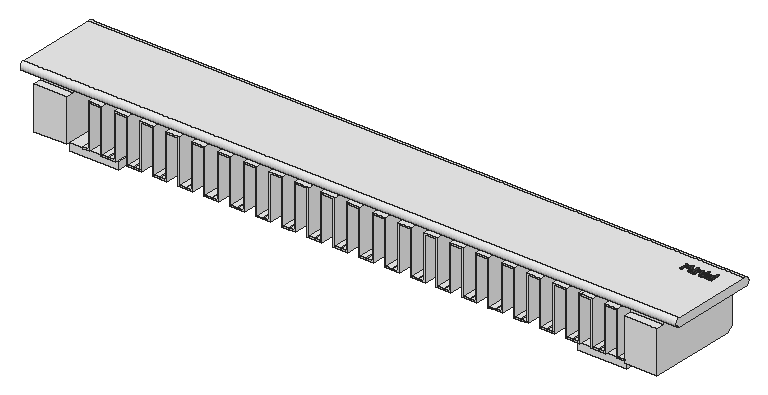
Revit family "Runtal-RF-1", category Mechanical Equipment, host Face, Revit 2026 (continued)
Definition of nested family "Family Grilles"
  Lines and regions (mm)
    model lines
      curve 386: circle (213.36, 10.16, 0) r 1.27 normal (0, 0, 1)
      curve 387: circle (213.36, 1.27, 0) r 1.27 normal (0, 0, 1)
      curve 388: circle (218.44, 19.05, 0) r 1.27 normal (0, 0, 1)
      curve 389: circle (218.44, 10.16, 0) r 1.27 normal (0, 0, 1)
      curve 390: circle (218.44, 1.27, 0) r 1.27 normal (0, 0, 1)
      curve 391: circle (223.52, 19.05, 0) r 1.27 normal (0, 0, 1)
      curve 392: circle (223.52, 10.16, 0) r 1.27 normal (0, 0, 1)
      curve 393: circle (223.52, 1.27, 0) r 1.27 normal (0, 0, 1)
      curve 394: circle (228.6, 19.05, 0) r 1.27 normal (0, 0, 1)
      curve 395: circle (228.6, 10.16, 0) r 1.27 normal (0, 0, 1)
      curve 396: circle (228.6, 1.27, 0) r 1.27 normal (0, 0, 1)
      curve 397: circle (233.68, 19.05, 0) r 1.27 normal (0, 0, 1)
      curve 398: circle (233.68, 10.16, 0) r 1.27 normal (0, 0, 1)
      curve 399: circle (233.68, 1.27, 0) r 1.27 normal (0, 0, 1)
      curve 400: circle (238.76, 19.05, 0) r 1.27 normal (0, 0, 1)
      curve 401: circle (238.76, 10.16, 0) r 1.27 normal (0, 0, 1)
      curve 402: circle (238.76, 1.27, 0) r 1.27 normal (0, 0, 1)
      curve 403: circle (243.84, 19.05, 0) r 1.27 normal (0, 0, 1)
      curve 404: circle (243.84, 10.16, 0) r 1.27 normal (0, 0, 1)
      curve 405: circle (243.84, 1.27, 0) r 1.27 normal (0, 0, 1)
      curve 406: circle (248.92, 19.05, 0) r 1.27 normal (0, 0, 1)
      curve 407: circle (248.92, 10.16, 0) r 1.27 normal (0, 0, 1)
      curve 408: circle (248.92, 1.27, 0) r 1.27 normal (0, 0, 1)
      curve 409: circle (254, 19.05, 0) r 1.27 normal (0, 0, 1)
      curve 410: circle (254, 10.16, 0) r 1.27 normal (0, 0, 1)
      curve 411: circle (254, 1.27, 0) r 1.27 normal (0, 0, 1)
      curve 412: circle (259.08, 19.05, 0) r 1.27 normal (0, 0, 1)
      curve 413: circle (259.08, 10.16, 0) r 1.27 normal (0, 0, 1)
      curve 414: circle (259.08, 1.27, 0) r 1.27 normal (0, 0, 1)
      curve 415: circle (264.16, 19.05, 0) r 1.27 normal (0, 0, 1)
      curve 416: circle (264.16, 10.16, 0) r 1.27 normal (0, 0, 1)
      curve 417: circle (264.16, 1.27, 0) r 1.27 normal (0, 0, 1)
      curve 418: circle (269.24, 19.05, 0) r 1.27 normal (0, 0, 1)
      curve 419: circle (269.24, 10.16, 0) r 1.27 normal (0, 0, 1)
      curve 420: circle (269.24, 1.27, 0) r 1.27 normal (0, 0, 1)
      curve 421: circle (274.32, 19.05, 0) r 1.27 normal (0, 0, 1)
      curve 422: circle (274.32, 10.16, 0) r 1.27 normal (0, 0, 1)
      curve 423: circle (274.32, 1.27, 0) r 1.27 normal (0, 0, 1)
      curve 424: circle (279.4, 19.05, 0) r 1.27 normal (0, 0, 1)
      curve 425: circle (279.4, 10.16, 0) r 1.27 normal (0, 0, 1)
      curve 426: circle (279.4, 1.27, 0) r 1.27 normal (0, 0, 1)
      curve 427: circle (284.48, 19.05, 0) r 1.27 normal (0, 0, 1)
      curve 428: circle (284.48, 10.16, 0) r 1.27 normal (0, 0, 1)
      curve 429: circle (284.48, 1.27, 0) r 1.27 normal (0, 0, 1)
      curve 430: circle (289.56, 19.05, 0) r 1.27 normal (0, 0, 1)
      curve 431: circle (289.56, 10.16, 0) r 1.27 normal (0, 0, 1)
      curve 432: circle (289.56, 1.27, 0) r 1.27 normal (0, 0, 1)
      curve 433: circle (294.64, 19.05, 0) r 1.27 normal (0, 0, 1)
      curve 434: circle (294.64, 10.16, 0) r 1.27 normal (0, 0, 1)
      curve 435: circle (294.64, 1.27, 0) r 1.27 normal (0, 0, 1)
      curve 436: circle (299.72, 19.05, 0) r 1.27 normal (0, 0, 1)
      curve 437: circle (299.72, 10.16, 0) r 1.27 normal (0, 0, 1)
      curve 438: circle (299.72, 1.27, 0) r 1.27 normal (0, 0, 1)
      curve 439: circle (304.8, 19.05, 0) r 1.27 normal (0, 0, 1)
      curve 440: circle (304.8, 10.16, 0) r 1.27 normal (0, 0, 1)
      curve 441: circle (304.8, 1.27, 0) r 1.27 normal (0, 0, 1)
      curve 442: circle (309.88, 19.05, 0) r 1.27 normal (0, 0, 1)
      curve 443: circle (309.88, 10.16, 0) r 1.27 normal (0, 0, 1)
      curve 444: circle (309.88, 1.27, 0) r 1.27 normal (0, 0, 1)
      curve 445: circle (314.96, 19.05, 0) r 1.27 normal (0, 0, 1)
      curve 446: circle (314.96, 10.16, 0) r 1.27 normal (0, 0, 1)
      curve 447: circle (314.96, 1.27, 0) r 1.27 normal (0, 0, 1)
      curve 448: circle (320.04, 19.05, 0) r 1.27 normal (0, 0, 1)
      curve 449: circle (320.04, 10.16, 0) r 1.27 normal (0, 0, 1)
      curve 450: circle (320.04, 1.27, 0) r 1.27 normal (0, 0, 1)
      curve 451: circle (325.12, 19.05, 0) r 1.27 normal (0, 0, 1)
      curve 452: circle (325.12, 10.16, 0) r 1.27 normal (0, 0, 1)
      curve 453: circle (325.12, 1.27, 0) r 1.27 normal (0, 0, 1)
      curve 454: circle (330.2, 19.05, 0) r 1.27 normal (0, 0, 1)
      curve 455: circle (330.2, 10.16, 0) r 1.27 normal (0, 0, 1)
      curve 456: circle (330.2, 1.27, 0) r 1.27 normal (0, 0, 1)
      curve 457: circle (335.28, 19.05, 0) r 1.27 normal (0, 0, 1)
      curve 458: circle (335.28, 10.16, 0) r 1.27 normal (0, 0, 1)
      curve 459: circle (335.28, 1.27, 0) r 1.27 normal (0, 0, 1)
      curve 460: circle (340.36, 19.05, 0) r 1.27 normal (0, 0, 1)
      curve 461: circle (340.36, 10.16, 0) r 1.27 normal (0, 0, 1)
      curve 462: circle (340.36, 1.27, 0) r 1.27 normal (0, 0, 1)
      curve 463: circle (345.44, 19.05, 0) r 1.27 normal (0, 0, 1)
      curve 464: circle (345.44, 10.16, 0) r 1.27 normal (0, 0, 1)
      curve 465: circle (345.44, 1.27, 0) r 1.27 normal (0, 0, 1)
      curve 466: circle (350.52, 19.05, 0) r 1.27 normal (0, 0, 1)
      curve 467: circle (350.52, 10.16, 0) r 1.27 normal (0, 0, 1)
      curve 468: circle (350.52, 1.27, 0) r 1.27 normal (0, 0, 1)
      curve 469: circle (355.6, 19.05, 0) r 1.27 normal (0, 0, 1)
      curve 470: circle (355.6, 10.16, 0) r 1.27 normal (0, 0, 1)
      curve 471: circle (355.6, 1.27, 0) r 1.27 normal (0, 0, 1)
      curve 472: circle (360.68, 19.05, 0) r 1.27 normal (0, 0, 1)
      curve 473: circle (360.68, 10.16, 0) r 1.27 normal (0, 0, 1)
      curve 474: circle (360.68, 1.27, 0) r 1.27 normal (0, 0, 1)
      curve 475: circle (365.76, 19.05, 0) r 1.27 normal (0, 0, 1)
      curve 476: circle (365.76, 10.16, 0) r 1.27 normal (0, 0, 1)
      curve 477: circle (365.76, 1.27, 0) r 1.27 normal (0, 0, 1)
      curve 478: circle (370.84, 19.05, 0) r 1.27 normal (0, 0, 1)
      curve 479: circle (370.84, 10.16, 0) r 1.27 normal (0, 0, 1)
      curve 480: circle (370.84, 1.27, 0) r 1.27 normal (0, 0, 1)
      curve 481: circle (375.92, 19.05, 0) r 1.27 normal (0, 0, 1)
      curve 482: circle (375.92, 10.16, 0) r 1.27 normal (0, 0, 1)
      curve 483: circle (375.92, 1.27, 0) r 1.27 normal (0, 0, 1)
      curve 484: circle (381, 19.05, 0) r 1.27 normal (0, 0, 1)
      curve 485: circle (381, 10.16, 0) r 1.27 normal (0, 0, 1)
      curve 486: circle (381, 1.27, 0) r 1.27 normal (0, 0, 1)
      curve 487: circle (386.08, 19.05, 0) r 1.27 normal (0, 0, 1)
      curve 488: circle (386.08, 10.16, 0) r 1.27 normal (0, 0, 1)
      curve 489: circle (386.08, 1.27, 0) r 1.27 normal (0, 0, 1)
      curve 490: circle (391.16, 19.05, 0) r 1.27 normal (0, 0, 1)
      curve 491: circle (391.16, 10.16, 0) r 1.27 normal (0, 0, 1)
      curve 492: circle (391.16, 1.27, 0) r 1.27 normal (0, 0, 1)
      curve 493: circle (396.24, 19.05, 0) r 1.27 normal (0, 0, 1)
      curve 494: circle (396.24, 10.16, 0) r 1.27 normal (0, 0, 1)
      curve 495: circle (396.24, 1.27, 0) r 1.27 normal (0, 0, 1)
      curve 496: circle (401.32, 19.05, 0) r 1.27 normal (0, 0, 1)
      curve 497: circle (401.32, 10.16, 0) r 1.27 normal (0, 0, 1)
      curve 498: circle (401.32, 1.27, 0) r 1.27 normal (0, 0, 1)
      curve 499: circle (406.4, 19.05, 0) r 1.27 normal (0, 0, 1)
      curve 500: circle (406.4, 10.16, 0) r 1.27 normal (0, 0, 1)
      curve 501: circle (406.4, 1.27, 0) r 1.27 normal (0, 0, 1)
      curve 502: circle (411.48, 19.05, 0) r 1.27 normal (0, 0, 1)
      curve 503: circle (411.48, 10.16, 0) r 1.27 normal (0, 0, 1)
      curve 504: circle (411.48, 1.27, 0) r 1.27 normal (0, 0, 1)
      curve 505: circle (416.56, 19.05, 0) r 1.27 normal (0, 0, 1)
      curve 506: circle (416.56, 10.16, 0) r 1.27 normal (0, 0, 1)
      curve 507: circle (416.56, 1.27, 0) r 1.27 normal (0, 0, 1)
      curve 508: circle (421.64, 19.05, 0) r 1.27 normal (0, 0, 1)
      curve 509: circle (421.64, 10.16, 0) r 1.27 normal (0, 0, 1)
      curve 510: circle (421.64, 1.27, 0) r 1.27 normal (0, 0, 1)
      curve 511: circle (426.72, 19.05, 0) r 1.27 normal (0, 0, 1)
      curve 512: circle (426.72, 10.16, 0) r 1.27 normal (0, 0, 1)
      curve 513: circle (426.72, 1.27, 0) r 1.27 normal (0, 0, 1)
    model lines, not visible
      curve 7: circle (2.54, 23.495, 0) r 1.27 normal (0, 0, 1)
      curve 8: circle (2.54, 14.605, 0) r 1.27 normal (0, 0, 1)
      curve 9: circle (2.54, 5.715, 0) r 1.27 normal (0, 0, 1)
      curve 10: circle (5.08, 19.05, 0) r 1.27 normal (0, 0, 1)
      curve 11: circle (5.08, 10.16, 0) r 1.27 normal (0, 0, 1)
      curve 12: circle (5.08, 1.27, 0) r 1.27 normal (0, 0, 1)
  Dimensions and locks
    "finLength": plane 3 "Center (Left/Right)" to plane 4
    equal spacing: group 1, group 5, group 9, group 10, group 11, group 12, group 13, group 14, group 15, group 16, group 17, group 18, group 19, group 20, group 21, group 22, group 23, group 24, group 25, group 26, group 27, group 28, group 29, group 30, group 31, group 32, group 33, group 34, group 35, group 36, group 37, group 38, group 39, group 40, group 41, group 42, group 43, group 44, group 45, group 46, group 47, group 48, group 49, group 50, group 51, group 52, group 53, group 54, group 55, group 56, group 57, group 58, group 59, group 60, group 61, group 62, group 63, group 64, group 65, group 66, group 67, group 68, group 69, group 70, group 71, group 72, group 73, group 74, group 75, group 76, group 77, group 78, group 79, group 80, group 81, group 82, group 83, group 84, group 85, group 86, group 87, group 88, group 89, group 90, group 91  (x3)
    equal spacing: group 3, group 6, group 7, group 8, group 92, group 93, group 94, group 95, group 96, group 97, group 98, group 99, group 100, group 101, group 102, group 103, group 104, group 105, group 106, group 107, group 108, group 109, group 110, group 111, group 112, group 113, group 114, group 115, group 116, group 117, group 118, group 119, group 120, group 121, group 122, group 123, group 124, group 125, group 126, group 127, group 128, group 129, group 130, group 131, group 132, group 133, group 134, group 135, group 136, group 137, group 138, group 139, group 140, group 141, group 142, group 143, group 144, group 145, group 146, group 147, group 148, group 149, group 150, group 151, group 152, group 153, group 154, group 155, group 156, group 157, group 158, group 159, group 160, group 161, group 162, group 163, group 164, group 165, group 166, group 167, group 168, group 169, group 170, group 171  (x3)
    aligned and locked: plane 2 to Extrusion 1
    aligned and locked: level to Extrusion 1
  Automatic sketch dimensions
    Extrusion 1 sketch curve to Extrusion 1 sketch curve = 2438.400 mm  (x2)
    curve 1 to curve 2 = 0.000 mm
    curve 2 to curve 1 = 8.890 mm
    curve 3 to curve 2 = 0.000 mm
    curve 3 to curve 2 = 8.890 mm
    curve 7 to curve 8 = 0.000 mm
    curve 8 to curve 7 = 8.890 mm
    curve 9 to curve 8 = 0.000 mm
    curve 9 to curve 8 = 8.890 mm
    curve 4 to curve 5 = 0.000 mm
    curve 5 to curve 4 = 8.890 mm
    curve 6 to curve 5 = 0.000 mm
    curve 6 to curve 5 = 8.890 mm
    curve 10 to curve 11 = 0.000 mm
    curve 11 to curve 10 = 8.890 mm
    curve 12 to curve 11 = 0.000 mm
    curve 12 to curve 11 = 8.890 mm
    curve 13 to curve 14 = 0.000 mm
    curve 14 to curve 13 = 8.890 mm
    curve 15 to curve 14 = 0.000 mm
    curve 15 to curve 14 = 8.890 mm
    curve 16 to curve 17 = 0.000 mm
    curve 17 to curve 16 = 8.890 mm
    curve 18 to curve 17 = 0.000 mm
    curve 18 to curve 17 = 8.890 mm
    curve 19 to curve 20 = 0.000 mm
    curve 20 to curve 19 = 8.890 mm
    curve 21 to curve 20 = 0.000 mm
    curve 21 to curve 20 = 8.890 mm
    curve 22 to curve 23 = 0.000 mm
    curve 23 to curve 22 = 8.890 mm
    curve 24 to curve 23 = 0.000 mm
    curve 24 to curve 23 = 8.890 mm
    curve 25 to curve 26 = 0.000 mm
    curve 26 to curve 25 = 8.890 mm
    curve 27 to curve 26 = 0.000 mm
    curve 27 to curve 26 = 8.890 mm
    curve 28 to curve 29 = 0.000 mm
    curve 29 to curve 28 = 8.890 mm
    curve 30 to curve 29 = 0.000 mm
    curve 30 to curve 29 = 8.890 mm
    curve 31 to curve 32 = 0.000 mm
    curve 32 to curve 31 = 8.890 mm
    curve 33 to curve 32 = 0.000 mm
    curve 33 to curve 32 = 8.890 mm
    curve 34 to curve 35 = 0.000 mm
    curve 35 to curve 34 = 8.890 mm
    curve 36 to curve 35 = 0.000 mm
    curve 36 to curve 35 = 8.890 mm
    curve 37 to curve 38 = 0.000 mm
    curve 38 to curve 37 = 8.890 mm
    curve 39 to curve 38 = 0.000 mm
    curve 39 to curve 38 = 8.890 mm
    curve 40 to curve 41 = 0.000 mm
    curve 41 to curve 40 = 8.890 mm
    curve 42 to curve 41 = 0.000 mm
    curve 42 to curve 41 = 8.890 mm
    curve 43 to curve 44 = 0.000 mm
    curve 44 to curve 43 = 8.890 mm
    curve 45 to curve 44 = 0.000 mm
    curve 45 to curve 44 = 8.890 mm
    curve 46 to curve 47 = 0.000 mm
    curve 47 to curve 46 = 8.890 mm
    curve 48 to curve 47 = 0.000 mm
    curve 48 to curve 47 = 8.890 mm
    curve 49 to curve 50 = 0.000 mm
    curve 50 to curve 49 = 8.890 mm
    curve 51 to curve 50 = 0.000 mm
    curve 51 to curve 50 = 8.890 mm
    curve 52 to curve 53 = 0.000 mm
    curve 53 to curve 52 = 8.890 mm
    curve 54 to curve 53 = 0.000 mm
    curve 54 to curve 53 = 8.890 mm
    curve 55 to curve 56 = 0.000 mm
    curve 56 to curve 55 = 8.890 mm
    curve 57 to curve 56 = 0.000 mm
    curve 57 to curve 56 = 8.890 mm
    curve 58 to curve 59 = 0.000 mm
    curve 59 to curve 58 = 8.890 mm
    curve 60 to curve 59 = 0.000 mm
    curve 60 to curve 59 = 8.890 mm
    curve 61 to curve 62 = 0.000 mm
    curve 62 to curve 61 = 8.890 mm
    curve 63 to curve 62 = 0.000 mm
    curve 63 to curve 62 = 8.890 mm
    curve 64 to curve 65 = 0.000 mm
    curve 65 to curve 64 = 8.890 mm
    curve 66 to curve 65 = 0.000 mm
    curve 66 to curve 65 = 8.890 mm
    curve 67 to curve 68 = 0.000 mm
    curve 68 to curve 67 = 8.890 mm
    curve 69 to curve 68 = 0.000 mm
    curve 69 to curve 68 = 8.890 mm
    curve 70 to curve 71 = 0.000 mm
    curve 71 to curve 70 = 8.890 mm
    curve 72 to curve 71 = 0.000 mm
    curve 72 to curve 71 = 8.890 mm
    curve 73 to curve 74 = 0.000 mm
    curve 74 to curve 73 = 8.890 mm
    curve 75 to curve 74 = 0.000 mm
    curve 75 to curve 74 = 8.890 mm
    curve 76 to curve 77 = 0.000 mm
    curve 77 to curve 76 = 8.890 mm
    curve 78 to curve 77 = 0.000 mm
    curve 78 to curve 77 = 8.890 mm
    curve 79 to curve 80 = 0.000 mm
    curve 80 to curve 79 = 8.890 mm
    curve 81 to curve 80 = 0.000 mm
    curve 81 to curve 80 = 8.890 mm
    curve 82 to curve 83 = 0.000 mm
    curve 83 to curve 82 = 8.890 mm
    curve 84 to curve 83 = 0.000 mm
    curve 84 to curve 83 = 8.890 mm
    curve 85 to curve 86 = 0.000 mm
    curve 86 to curve 85 = 8.890 mm
    curve 87 to curve 86 = 0.000 mm
    curve 87 to curve 86 = 8.890 mm
    curve 88 to curve 89 = 0.000 mm
    curve 89 to curve 88 = 8.890 mm
    curve 90 to curve 89 = 0.000 mm
    curve 90 to curve 89 = 8.890 mm
    curve 91 to curve 92 = 0.000 mm
    curve 92 to curve 91 = 8.890 mm
    curve 93 to curve 92 = 0.000 mm
    curve 93 to curve 92 = 8.890 mm
    curve 94 to curve 95 = 0.000 mm
    curve 95 to curve 94 = 8.890 mm
    curve 96 to curve 95 = 0.000 mm
    curve 96 to curve 95 = 8.890 mm
    curve 97 to curve 98 = 0.000 mm
    curve 98 to curve 97 = 8.890 mm
    curve 99 to curve 98 = 0.000 mm
    curve 99 to curve 98 = 8.890 mm
    curve 100 to curve 101 = 0.000 mm
    curve 101 to curve 100 = 8.890 mm
    curve 102 to curve 101 = 0.000 mm
    curve 102 to curve 101 = 8.890 mm
    curve 103 to curve 104 = 0.000 mm
    curve 104 to curve 103 = 8.890 mm
    curve 105 to curve 104 = 0.000 mm
    curve 105 to curve 104 = 8.890 mm
    curve 106 to curve 107 = 0.000 mm
    curve 107 to curve 106 = 8.890 mm
    curve 108 to curve 107 = 0.000 mm
    curve 108 to curve 107 = 8.890 mm
    curve 109 to curve 110 = 0.000 mm
    curve 110 to curve 109 = 8.890 mm
    curve 111 to curve 110 = 0.000 mm
    curve 111 to curve 110 = 8.890 mm
    curve 112 to curve 113 = 0.000 mm
    curve 113 to curve 112 = 8.890 mm
    curve 114 to curve 113 = 0.000 mm
    curve 114 to curve 113 = 8.890 mm
    curve 115 to curve 116 = 0.000 mm
    curve 116 to curve 115 = 8.890 mm
    curve 117 to curve 116 = 0.000 mm
    curve 117 to curve 116 = 8.890 mm
    curve 118 to curve 119 = 0.000 mm
    curve 119 to curve 118 = 8.890 mm
    curve 120 to curve 119 = 0.000 mm
    curve 120 to curve 119 = 8.890 mm
    curve 121 to curve 122 = 0.000 mm
    curve 122 to curve 121 = 8.890 mm
    curve 123 to curve 122 = 0.000 mm
    curve 123 to curve 122 = 8.890 mm
    curve 124 to curve 125 = 0.000 mm
    curve 125 to curve 124 = 8.890 mm
    curve 126 to curve 125 = 0.000 mm
    curve 126 to curve 125 = 8.890 mm
    curve 127 to curve 128 = 0.000 mm
    curve 128 to curve 127 = 8.890 mm
    curve 129 to curve 128 = 0.000 mm
    curve 129 to curve 128 = 8.890 mm
    curve 130 to curve 131 = 0.000 mm
    curve 131 to curve 130 = 8.890 mm
    curve 132 to curve 131 = 0.000 mm
    curve 132 to curve 131 = 8.890 mm
    curve 133 to curve 134 = 0.000 mm
    curve 134 to curve 133 = 8.890 mm
    curve 135 to curve 134 = 0.000 mm
    curve 135 to curve 134 = 8.890 mm
    curve 136 to curve 137 = 0.000 mm
    curve 137 to curve 136 = 8.890 mm
    curve 138 to curve 137 = 0.000 mm
    curve 138 to curve 137 = 8.890 mm
    curve 139 to curve 140 = 0.000 mm
    curve 140 to curve 139 = 8.890 mm
    curve 141 to curve 140 = 0.000 mm
    curve 141 to curve 140 = 8.890 mm
    curve 142 to curve 143 = 0.000 mm
    curve 143 to curve 142 = 8.890 mm
    curve 144 to curve 143 = 0.000 mm
    curve 144 to curve 143 = 8.890 mm
    curve 145 to curve 146 = 0.000 mm
    curve 146 to curve 145 = 8.890 mm
    curve 147 to curve 146 = 0.000 mm
    curve 147 to curve 146 = 8.890 mm
    curve 148 to curve 149 = 0.000 mm
    curve 149 to curve 148 = 8.890 mm
    curve 150 to curve 149 = 0.000 mm
    curve 150 to curve 149 = 8.890 mm
    curve 151 to curve 152 = 0.000 mm
    curve 152 to curve 151 = 8.890 mm
    curve 153 to curve 152 = 0.000 mm
    curve 153 to curve 152 = 8.890 mm
    curve 154 to curve 155 = 0.000 mm
    curve 155 to curve 154 = 8.890 mm
    curve 156 to curve 155 = 0.000 mm
    curve 156 to curve 155 = 8.890 mm
    curve 157 to curve 158 = 0.000 mm
    curve 158 to curve 157 = 8.890 mm
    curve 159 to curve 158 = 0.000 mm
    curve 159 to curve 158 = 8.890 mm
    curve 160 to curve 161 = 0.000 mm
    curve 161 to curve 160 = 8.890 mm
    curve 162 to curve 161 = 0.000 mm
    curve 162 to curve 161 = 8.890 mm
    curve 163 to curve 164 = 0.000 mm
    curve 164 to curve 163 = 8.890 mm
    curve 165 to curve 164 = 0.000 mm
    curve 165 to curve 164 = 8.890 mm
    curve 166 to curve 167 = 0.000 mm
    curve 167 to curve 166 = 8.890 mm
    curve 168 to curve 167 = 0.000 mm
    curve 168 to curve 167 = 8.890 mm
    curve 169 to curve 170 = 0.000 mm
    curve 170 to curve 169 = 8.890 mm
    curve 171 to curve 170 = 0.000 mm
    curve 171 to curve 170 = 8.890 mm
    curve 172 to curve 173 = 0.000 mm
    curve 173 to curve 172 = 8.890 mm
    curve 174 to curve 173 = 0.000 mm
    curve 174 to curve 173 = 8.890 mm
    curve 175 to curve 176 = 0.000 mm
    curve 176 to curve 175 = 8.890 mm
    curve 177 to curve 176 = 0.000 mm
    curve 177 to curve 176 = 8.890 mm
    curve 178 to curve 179 = 0.000 mm
    curve 179 to curve 178 = 8.890 mm
    curve 180 to curve 179 = 0.000 mm
    curve 180 to curve 179 = 8.890 mm
    curve 181 to curve 182 = 0.000 mm
    curve 182 to curve 181 = 8.890 mm
    curve 183 to curve 182 = 0.000 mm
    curve 183 to curve 182 = 8.890 mm
    curve 184 to curve 185 = 0.000 mm
    curve 185 to curve 184 = 8.890 mm
    curve 186 to curve 185 = 0.000 mm
    curve 186 to curve 185 = 8.890 mm
    curve 187 to curve 188 = 0.000 mm
    curve 188 to curve 187 = 8.890 mm
    curve 189 to curve 188 = 0.000 mm
    curve 189 to curve 188 = 8.890 mm
    curve 190 to curve 191 = 0.000 mm
    curve 191 to curve 190 = 8.890 mm
    curve 192 to curve 191 = 0.000 mm
    curve 192 to curve 191 = 8.890 mm
    curve 193 to curve 194 = 0.000 mm
    curve 194 to curve 193 = 8.890 mm
    curve 195 to curve 194 = 0.000 mm
    curve 195 to curve 194 = 8.890 mm
    curve 196 to curve 197 = 0.000 mm
    curve 197 to curve 196 = 8.890 mm
    curve 198 to curve 197 = 0.000 mm
    curve 198 to curve 197 = 8.890 mm
    curve 199 to curve 200 = 0.000 mm
    curve 200 to curve 199 = 8.890 mm
    curve 201 to curve 200 = 0.000 mm
    curve 201 to curve 200 = 8.890 mm
    curve 202 to curve 203 = 0.000 mm
    curve 203 to curve 202 = 8.890 mm
    curve 204 to curve 203 = 0.000 mm
    curve 204 to curve 203 = 8.890 mm
    curve 205 to curve 206 = 0.000 mm
    curve 206 to curve 205 = 8.890 mm
    curve 207 to curve 206 = 0.000 mm
    curve 207 to curve 206 = 8.890 mm
    curve 208 to curve 209 = 0.000 mm
    curve 209 to curve 208 = 8.890 mm
    curve 210 to curve 209 = 0.000 mm
    curve 210 to curve 209 = 8.890 mm
    curve 211 to curve 212 = 0.000 mm
    curve 212 to curve 211 = 8.890 mm
    curve 213 to curve 212 = 0.000 mm
    curve 213 to curve 212 = 8.890 mm
    curve 214 to curve 215 = 0.000 mm
    curve 215 to curve 214 = 8.890 mm
    curve 216 to curve 215 = 0.000 mm
    curve 216 to curve 215 = 8.890 mm
    curve 217 to curve 218 = 0.000 mm
    curve 218 to curve 217 = 8.890 mm
    curve 219 to curve 218 = 0.000 mm
    curve 219 to curve 218 = 8.890 mm
    curve 220 to curve 221 = 0.000 mm
    curve 221 to curve 220 = 8.890 mm
    curve 222 to curve 221 = 0.000 mm
    curve 222 to curve 221 = 8.890 mm
    curve 223 to curve 224 = 0.000 mm
    curve 224 to curve 223 = 8.890 mm
    curve 225 to curve 224 = 0.000 mm
    curve 225 to curve 224 = 8.890 mm
    curve 226 to curve 227 = 0.000 mm
    curve 227 to curve 226 = 8.890 mm
    curve 228 to curve 227 = 0.000 mm
    curve 228 to curve 227 = 8.890 mm
    curve 229 to curve 230 = 0.000 mm
    curve 230 to curve 229 = 8.890 mm
    curve 231 to curve 230 = 0.000 mm
    curve 231 to curve 230 = 8.890 mm
    curve 232 to curve 233 = 0.000 mm
    curve 233 to curve 232 = 8.890 mm
    curve 234 to curve 233 = 0.000 mm
    curve 234 to curve 233 = 8.890 mm
    curve 235 to curve 236 = 0.000 mm
    curve 236 to curve 235 = 8.890 mm
    curve 237 to curve 236 = 0.000 mm
    curve 237 to curve 236 = 8.890 mm
    curve 238 to curve 239 = 0.000 mm
    curve 239 to curve 238 = 8.890 mm
    curve 240 to curve 239 = 0.000 mm
    curve 240 to curve 239 = 8.890 mm
    curve 241 to curve 242 = 0.000 mm
    curve 242 to curve 241 = 8.890 mm
    curve 243 to curve 242 = 0.000 mm
    curve 243 to curve 242 = 8.890 mm
    curve 244 to curve 245 = 0.000 mm
    curve 245 to curve 244 = 8.890 mm
    curve 246 to curve 245 = 0.000 mm
    curve 246 to curve 245 = 8.890 mm
    curve 247 to curve 248 = 0.000 mm
    curve 248 to curve 247 = 8.890 mm
    curve 249 to curve 248 = 0.000 mm
    curve 249 to curve 248 = 8.890 mm
    curve 250 to curve 251 = 0.000 mm
    curve 251 to curve 250 = 8.890 mm
    curve 252 to curve 251 = 0.000 mm
    curve 252 to curve 251 = 8.890 mm
    curve 253 to curve 254 = 0.000 mm
    curve 254 to curve 253 = 8.890 mm
    curve 255 to curve 254 = 0.000 mm
    curve 255 to curve 254 = 8.890 mm
    curve 256 to curve 257 = 0.000 mm
    curve 257 to curve 256 = 8.890 mm
    curve 258 to curve 257 = 0.000 mm
    curve 258 to curve 257 = 8.890 mm
    curve 259 to curve 260 = 0.000 mm
    curve 260 to curve 259 = 8.890 mm
    curve 261 to curve 260 = 0.000 mm
    curve 261 to curve 260 = 8.890 mm
    curve 262 to curve 263 = 0.000 mm
    curve 263 to curve 262 = 8.890 mm
    curve 264 to curve 263 = 0.000 mm
    curve 264 to curve 263 = 8.890 mm
    curve 265 to curve 266 = 0.000 mm
    curve 266 to curve 265 = 8.890 mm
    curve 267 to curve 266 = 0.000 mm
    curve 267 to curve 266 = 8.890 mm
    curve 268 to curve 269 = 0.000 mm
    curve 269 to curve 268 = 8.890 mm
    curve 270 to curve 269 = 0.000 mm
    curve 270 to curve 269 = 8.890 mm
    curve 271 to curve 272 = 0.000 mm
    curve 272 to curve 271 = 8.890 mm
    curve 273 to curve 272 = 0.000 mm
    curve 273 to curve 272 = 8.890 mm
    curve 274 to curve 275 = 0.000 mm
    curve 275 to curve 274 = 8.890 mm
    curve 276 to curve 275 = 0.000 mm
    curve 276 to curve 275 = 8.890 mm
    curve 277 to curve 278 = 0.000 mm
    curve 278 to curve 277 = 8.890 mm
    curve 279 to curve 278 = 0.000 mm
    curve 279 to curve 278 = 8.890 mm
    curve 280 to curve 281 = 0.000 mm
    curve 281 to curve 280 = 8.890 mm
    curve 282 to curve 281 = 0.000 mm
    curve 282 to curve 281 = 8.890 mm
    curve 283 to curve 284 = 0.000 mm
    curve 284 to curve 283 = 8.890 mm
    curve 285 to curve 284 = 0.000 mm
    curve 285 to curve 284 = 8.890 mm
    curve 286 to curve 287 = 0.000 mm
    curve 287 to curve 286 = 8.890 mm
    curve 288 to curve 287 = 0.000 mm
    curve 288 to curve 287 = 8.890 mm
    curve 289 to curve 290 = 0.000 mm
    curve 290 to curve 289 = 8.890 mm
    curve 291 to curve 290 = 0.000 mm
    curve 291 to curve 290 = 8.890 mm
    curve 292 to curve 293 = 0.000 mm
    curve 293 to curve 292 = 8.890 mm
    curve 294 to curve 293 = 0.000 mm
    curve 294 to curve 293 = 8.890 mm
    curve 295 to curve 296 = 0.000 mm
    curve 296 to curve 295 = 8.890 mm
    curve 297 to curve 296 = 0.000 mm
    curve 297 to curve 296 = 8.890 mm
    curve 298 to curve 299 = 0.000 mm
    curve 299 to curve 298 = 8.890 mm
    curve 300 to curve 299 = 0.000 mm
    curve 300 to curve 299 = 8.890 mm
    curve 301 to curve 302 = 0.000 mm
    curve 302 to curve 301 = 8.890 mm
    curve 303 to curve 302 = 0.000 mm
    curve 303 to curve 302 = 8.890 mm
    curve 304 to curve 305 = 0.000 mm
    curve 305 to curve 304 = 8.890 mm
    curve 306 to curve 305 = 0.000 mm
    curve 306 to curve 305 = 8.890 mm
    curve 307 to curve 308 = 0.000 mm
    curve 308 to curve 307 = 8.890 mm
    curve 309 to curve 308 = 0.000 mm
    curve 309 to curve 308 = 8.890 mm
    curve 310 to curve 311 = 0.000 mm
    curve 311 to curve 310 = 8.890 mm
    curve 312 to curve 311 = 0.000 mm
    curve 312 to curve 311 = 8.890 mm
    curve 313 to curve 314 = 0.000 mm
    curve 314 to curve 313 = 8.890 mm
    curve 315 to curve 314 = 0.000 mm
    curve 315 to curve 314 = 8.890 mm
    curve 316 to curve 317 = 0.000 mm
    curve 317 to curve 316 = 8.890 mm
    curve 318 to curve 317 = 0.000 mm
    curve 318 to curve 317 = 8.890 mm
    curve 319 to curve 320 = 0.000 mm
    curve 320 to curve 319 = 8.890 mm
    curve 321 to curve 320 = 0.000 mm
    curve 321 to curve 320 = 8.890 mm
    curve 322 to curve 323 = 0.000 mm
    curve 323 to curve 322 = 8.890 mm
    curve 324 to curve 323 = 0.000 mm
    curve 324 to curve 323 = 8.890 mm
    curve 325 to curve 326 = 0.000 mm
    curve 326 to curve 325 = 8.890 mm
    curve 327 to curve 326 = 0.000 mm
    curve 327 to curve 326 = 8.890 mm
    curve 328 to curve 329 = 0.000 mm
    curve 329 to curve 328 = 8.890 mm
    curve 330 to curve 329 = 0.000 mm
    curve 330 to curve 329 = 8.890 mm
    curve 331 to curve 332 = 0.000 mm
    curve 332 to curve 331 = 8.890 mm
    curve 333 to curve 332 = 0.000 mm
    curve 333 to curve 332 = 8.890 mm
    curve 334 to curve 335 = 0.000 mm
    curve 335 to curve 334 = 8.890 mm
    curve 336 to curve 335 = 0.000 mm
    curve 336 to curve 335 = 8.890 mm
    curve 337 to curve 338 = 0.000 mm
    curve 338 to curve 337 = 8.890 mm
    curve 339 to curve 338 = 0.000 mm
    curve 339 to curve 338 = 8.890 mm
    curve 340 to curve 341 = 0.000 mm
    curve 341 to curve 340 = 8.890 mm
    curve 342 to curve 341 = 0.000 mm
    curve 342 to curve 341 = 8.890 mm
    curve 343 to curve 344 = 0.000 mm
    curve 344 to curve 343 = 8.890 mm
    curve 345 to curve 344 = 0.000 mm
    curve 345 to curve 344 = 8.890 mm
    curve 346 to curve 347 = 0.000 mm
    curve 347 to curve 346 = 8.890 mm
    curve 348 to curve 347 = 0.000 mm
    curve 348 to curve 347 = 8.890 mm
    curve 349 to curve 350 = 0.000 mm
    curve 350 to curve 349 = 8.890 mm
    curve 351 to curve 350 = 0.000 mm
    curve 351 to curve 350 = 8.890 mm
    curve 352 to curve 353 = 0.000 mm
    curve 353 to curve 352 = 8.890 mm
    curve 354 to curve 353 = 0.000 mm
    curve 354 to curve 353 = 8.890 mm
    curve 355 to curve 356 = 0.000 mm
    curve 356 to curve 355 = 8.890 mm
    curve 357 to curve 356 = 0.000 mm
    curve 357 to curve 356 = 8.890 mm
    curve 358 to curve 359 = 0.000 mm
    curve 359 to curve 358 = 8.890 mm
    curve 360 to curve 359 = 0.000 mm
    curve 360 to curve 359 = 8.890 mm
    curve 361 to curve 362 = 0.000 mm
    curve 362 to curve 361 = 8.890 mm
    curve 363 to curve 362 = 0.000 mm
    curve 363 to curve 362 = 8.890 mm
    curve 364 to curve 365 = 0.000 mm
    curve 365 to curve 364 = 8.890 mm
    curve 366 to curve 365 = 0.000 mm
    curve 366 to curve 365 = 8.890 mm
    curve 367 to curve 368 = 0.000 mm
    curve 368 to curve 367 = 8.890 mm
    curve 369 to curve 368 = 0.000 mm
    curve 369 to curve 368 = 8.890 mm
    curve 370 to curve 371 = 0.000 mm
    curve 371 to curve 370 = 8.890 mm
    curve 372 to curve 371 = 0.000 mm
    curve 372 to curve 371 = 8.890 mm
    curve 373 to curve 374 = 0.000 mm
    curve 374 to curve 373 = 8.890 mm
    curve 375 to curve 374 = 0.000 mm
    curve 375 to curve 374 = 8.890 mm
    curve 376 to curve 377 = 0.000 mm
    curve 377 to curve 376 = 8.890 mm
    curve 378 to curve 377 = 0.000 mm
    curve 378 to curve 377 = 8.890 mm
    curve 379 to curve 380 = 0.000 mm
    curve 380 to curve 379 = 8.890 mm
    curve 381 to curve 380 = 0.000 mm
    curve 381 to curve 380 = 8.890 mm
    curve 382 to curve 383 = 0.000 mm
    curve 383 to curve 382 = 8.890 mm
    curve 384 to curve 383 = 0.000 mm
    curve 384 to curve 383 = 8.890 mm
    curve 385 to curve 386 = 0.000 mm
    curve 386 to curve 385 = 8.890 mm
    curve 387 to curve 386 = 0.000 mm
    curve 387 to curve 386 = 8.890 mm
    curve 388 to curve 389 = 0.000 mm
    curve 389 to curve 388 = 8.890 mm
    curve 390 to curve 389 = 0.000 mm
    curve 390 to curve 389 = 8.890 mm
    curve 391 to curve 392 = 0.000 mm
    curve 392 to curve 391 = 8.890 mm
    curve 393 to curve 392 = 0.000 mm
    curve 393 to curve 392 = 8.890 mm
    curve 394 to curve 395 = 0.000 mm
    curve 395 to curve 394 = 8.890 mm
    curve 396 to curve 395 = 0.000 mm
    curve 396 to curve 395 = 8.890 mm
    curve 397 to curve 398 = 0.000 mm
    curve 398 to curve 397 = 8.890 mm
    curve 399 to curve 398 = 0.000 mm
    curve 399 to curve 398 = 8.890 mm
    curve 400 to curve 401 = 0.000 mm
    curve 401 to curve 400 = 8.890 mm
    curve 402 to curve 401 = 0.000 mm
    curve 402 to curve 401 = 8.890 mm
    curve 403 to curve 404 = 0.000 mm
    curve 404 to curve 403 = 8.890 mm
    curve 405 to curve 404 = 0.000 mm
    curve 405 to curve 404 = 8.890 mm
    curve 406 to curve 407 = 0.000 mm
    curve 407 to curve 406 = 8.890 mm
    curve 408 to curve 407 = 0.000 mm
    curve 408 to curve 407 = 8.890 mm
    curve 409 to curve 410 = 0.000 mm
    curve 410 to curve 409 = 8.890 mm
    curve 411 to curve 410 = 0.000 mm
    curve 411 to curve 410 = 8.890 mm
    curve 412 to curve 413 = 0.000 mm
    curve 413 to curve 412 = 8.890 mm
    curve 414 to curve 413 = 0.000 mm
    curve 414 to curve 413 = 8.890 mm
    curve 415 to curve 416 = 0.000 mm
    curve 416 to curve 415 = 8.890 mm
    curve 417 to curve 416 = 0.000 mm
    curve 417 to curve 416 = 8.890 mm
    curve 418 to curve 419 = 0.000 mm
    curve 419 to curve 418 = 8.890 mm
    curve 420 to curve 419 = 0.000 mm
    curve 420 to curve 419 = 8.890 mm
    curve 421 to curve 422 = 0.000 mm
    curve 422 to curve 421 = 8.890 mm
    curve 423 to curve 422 = 0.000 mm
    curve 423 to curve 422 = 8.890 mm
    curve 424 to curve 425 = 0.000 mm
    curve 425 to curve 424 = 8.890 mm
    curve 426 to curve 425 = 0.000 mm
    curve 426 to curve 425 = 8.890 mm
    curve 427 to curve 428 = 0.000 mm
    curve 428 to curve 427 = 8.890 mm
    curve 429 to curve 428 = 0.000 mm
    curve 429 to curve 428 = 8.890 mm
    curve 430 to curve 431 = 0.000 mm
    curve 431 to curve 430 = 8.890 mm
    curve 432 to curve 431 = 0.000 mm
    curve 432 to curve 431 = 8.890 mm
    curve 433 to curve 434 = 0.000 mm
    curve 434 to curve 433 = 8.890 mm
    curve 435 to curve 434 = 0.000 mm
    curve 435 to curve 434 = 8.890 mm
    curve 436 to curve 437 = 0.000 mm
    curve 437 to curve 436 = 8.890 mm
    curve 438 to curve 437 = 0.000 mm
    curve 438 to curve 437 = 8.890 mm
    curve 439 to curve 440 = 0.000 mm
    curve 440 to curve 439 = 8.890 mm
    curve 441 to curve 440 = 0.000 mm
    curve 441 to curve 440 = 8.890 mm
    curve 442 to curve 443 = 0.000 mm
    curve 443 to curve 442 = 8.890 mm
    curve 444 to curve 443 = 0.000 mm
    curve 444 to curve 443 = 8.890 mm
    curve 445 to curve 446 = 0.000 mm
    curve 446 to curve 445 = 8.890 mm
    curve 447 to curve 446 = 0.000 mm
    curve 447 to curve 446 = 8.890 mm
    curve 448 to curve 449 = 0.000 mm
    curve 449 to curve 448 = 8.890 mm
    curve 450 to curve 449 = 0.000 mm
    curve 450 to curve 449 = 8.890 mm
    curve 451 to curve 452 = 0.000 mm
    curve 452 to curve 451 = 8.890 mm
    curve 453 to curve 452 = 0.000 mm
    curve 453 to curve 452 = 8.890 mm
    curve 454 to curve 455 = 0.000 mm
    curve 455 to curve 454 = 8.890 mm
    curve 456 to curve 455 = 0.000 mm
    curve 456 to curve 455 = 8.890 mm
    curve 457 to curve 458 = 0.000 mm
    curve 458 to curve 457 = 8.890 mm
    curve 459 to curve 458 = 0.000 mm
    curve 459 to curve 458 = 8.890 mm
    curve 460 to curve 461 = 0.000 mm
    curve 461 to curve 460 = 8.890 mm
    curve 462 to curve 461 = 0.000 mm
    curve 462 to curve 461 = 8.890 mm
    curve 463 to curve 464 = 0.000 mm
    curve 464 to curve 463 = 8.890 mm
    curve 465 to curve 464 = 0.000 mm
    curve 465 to curve 464 = 8.890 mm
    curve 466 to curve 467 = 0.000 mm
    curve 467 to curve 466 = 8.890 mm
    curve 468 to curve 467 = 0.000 mm
    curve 468 to curve 467 = 8.890 mm
    curve 469 to curve 470 = 0.000 mm
    curve 470 to curve 469 = 8.890 mm
    curve 471 to curve 470 = 0.000 mm
    curve 471 to curve 470 = 8.890 mm
    curve 472 to curve 473 = 0.000 mm
    curve 473 to curve 472 = 8.890 mm
    curve 474 to curve 473 = 0.000 mm
    curve 474 to curve 473 = 8.890 mm
    curve 475 to curve 476 = 0.000 mm
    curve 476 to curve 475 = 8.890 mm
    curve 477 to curve 476 = 0.000 mm
    curve 477 to curve 476 = 8.890 mm
    curve 478 to curve 479 = 0.000 mm
    curve 479 to curve 478 = 8.890 mm
    curve 480 to curve 479 = 0.000 mm
    curve 480 to curve 479 = 8.890 mm
    curve 481 to curve 482 = 0.000 mm
    curve 482 to curve 481 = 8.890 mm
    curve 483 to curve 482 = 0.000 mm
    curve 483 to curve 482 = 8.890 mm
    curve 484 to curve 485 = 0.000 mm
    curve 485 to curve 484 = 8.890 mm
    curve 486 to curve 485 = 0.000 mm
    curve 486 to curve 485 = 8.890 mm
    curve 487 to curve 488 = 0.000 mm
    curve 488 to curve 487 = 8.890 mm
    curve 489 to curve 488 = 0.000 mm
    curve 489 to curve 488 = 8.890 mm
    curve 490 to curve 491 = 0.000 mm
    curve 491 to curve 490 = 8.890 mm
    curve 492 to curve 491 = 0.000 mm
    curve 492 to curve 491 = 8.890 mm
    curve 493 to curve 494 = 0.000 mm
    curve 494 to curve 493 = 8.890 mm
    curve 495 to curve 494 = 0.000 mm
    curve 495 to curve 494 = 8.890 mm
    curve 496 to curve 497 = 0.000 mm
    curve 497 to curve 496 = 8.890 mm
    curve 498 to curve 497 = 0.000 mm
    curve 498 to curve 497 = 8.890 mm
    curve 499 to curve 500 = 0.000 mm
    curve 500 to curve 499 = 8.890 mm
    curve 501 to curve 500 = 0.000 mm
    curve 501 to curve 500 = 8.890 mm
    curve 502 to curve 503 = 0.000 mm
    curve 503 to curve 502 = 8.890 mm
    curve 504 to curve 503 = 0.000 mm
    curve 504 to curve 503 = 8.890 mm
    curve 505 to curve 506 = 0.000 mm
    curve 506 to curve 505 = 8.890 mm
    curve 507 to curve 506 = 0.000 mm
    curve 507 to curve 506 = 8.890 mm
    curve 508 to curve 509 = 0.000 mm
    curve 509 to curve 508 = 8.890 mm
    curve 510 to curve 509 = 0.000 mm
    curve 510 to curve 509 = 8.890 mm
    curve 511 to curve 512 = 0.000 mm
    curve 512 to curve 511 = 8.890 mm
    curve 513 to curve 512 = 0.000 mm
    curve 513 to curve 512 = 8.890 mm
    radius of curve 1 = 1.270 mm
    radius of curve 2 = 1.270 mm
    radius of curve 3 = 1.270 mm
    radius of curve 7 = 1.270 mm
    radius of curve 8 = 1.270 mm
    radius of curve 9 = 1.270 mm
    radius of curve 4 = 1.270 mm
    radius of curve 5 = 1.270 mm
    radius of curve 6 = 1.270 mm
    radius of curve 10 = 1.270 mm
    radius of curve 11 = 1.270 mm
    radius of curve 12 = 1.270 mm
    radius of curve 13 = 1.270 mm
    radius of curve 14 = 1.270 mm
    radius of curve 15 = 1.270 mm
    radius of curve 16 = 1.270 mm
    radius of curve 17 = 1.270 mm
    radius of curve 18 = 1.270 mm
    radius of curve 19 = 1.270 mm
    radius of curve 20 = 1.270 mm
    radius of curve 21 = 1.270 mm
    radius of curve 22 = 1.270 mm
    radius of curve 23 = 1.270 mm
    radius of curve 24 = 1.270 mm
    radius of curve 25 = 1.270 mm
    radius of curve 26 = 1.270 mm
    radius of curve 27 = 1.270 mm
    radius of curve 28 = 1.270 mm
    radius of curve 29 = 1.270 mm
    radius of curve 30 = 1.270 mm
    radius of curve 31 = 1.270 mm
    radius of curve 32 = 1.270 mm
    radius of curve 33 = 1.270 mm
    radius of curve 34 = 1.270 mm
    radius of curve 35 = 1.270 mm
    radius of curve 36 = 1.270 mm
    radius of curve 37 = 1.270 mm
    radius of curve 38 = 1.270 mm
    radius of curve 39 = 1.270 mm
    radius of curve 40 = 1.270 mm
    radius of curve 41 = 1.270 mm
    radius of curve 42 = 1.270 mm
    radius of curve 43 = 1.270 mm
    radius of curve 44 = 1.270 mm
    radius of curve 45 = 1.270 mm
    radius of curve 46 = 1.270 mm
    radius of curve 47 = 1.270 mm
    radius of curve 48 = 1.270 mm
    radius of curve 49 = 1.270 mm
    radius of curve 50 = 1.270 mm
    radius of curve 51 = 1.270 mm
    radius of curve 52 = 1.270 mm
    radius of curve 53 = 1.270 mm
    radius of curve 54 = 1.270 mm
    radius of curve 55 = 1.270 mm
    radius of curve 56 = 1.270 mm
    radius of curve 57 = 1.270 mm
    radius of curve 58 = 1.270 mm
    radius of curve 59 = 1.270 mm
    radius of curve 60 = 1.270 mm
    radius of curve 61 = 1.270 mm
    radius of curve 62 = 1.270 mm
    radius of curve 63 = 1.270 mm
    radius of curve 64 = 1.270 mm
    radius of curve 65 = 1.270 mm
    radius of curve 66 = 1.270 mm
    radius of curve 67 = 1.270 mm
    radius of curve 68 = 1.270 mm
    radius of curve 69 = 1.270 mm
    radius of curve 70 = 1.270 mm
    radius of curve 71 = 1.270 mm
    radius of curve 72 = 1.270 mm
    radius of curve 73 = 1.270 mm
    radius of curve 74 = 1.270 mm
    radius of curve 75 = 1.270 mm
    radius of curve 76 = 1.270 mm
    radius of curve 77 = 1.270 mm
    radius of curve 78 = 1.270 mm
    radius of curve 79 = 1.270 mm
    radius of curve 80 = 1.270 mm
    radius of curve 81 = 1.270 mm
    radius of curve 82 = 1.270 mm
    radius of curve 83 = 1.270 mm
    radius of curve 84 = 1.270 mm
    radius of curve 85 = 1.270 mm
    radius of curve 86 = 1.270 mm
    radius of curve 87 = 1.270 mm
    radius of curve 88 = 1.270 mm
    radius of curve 89 = 1.270 mm
    radius of curve 90 = 1.270 mm
    radius of curve 91 = 1.270 mm
    radius of curve 92 = 1.270 mm
    radius of curve 93 = 1.270 mm
    radius of curve 94 = 1.270 mm
    radius of curve 95 = 1.270 mm
    radius of curve 96 = 1.270 mm
    radius of curve 97 = 1.270 mm
    radius of curve 98 = 1.270 mm
    radius of curve 99 = 1.270 mm
    radius of curve 100 = 1.270 mm
    radius of curve 101 = 1.270 mm
    radius of curve 102 = 1.270 mm
    radius of curve 103 = 1.270 mm
    radius of curve 104 = 1.270 mm
    radius of curve 105 = 1.270 mm
    radius of curve 106 = 1.270 mm
    radius of curve 107 = 1.270 mm
    radius of curve 108 = 1.270 mm
    radius of curve 109 = 1.270 mm
    radius of curve 110 = 1.270 mm
    radius of curve 111 = 1.270 mm
    radius of curve 112 = 1.270 mm
    radius of curve 113 = 1.270 mm
    radius of curve 114 = 1.270 mm
    radius of curve 115 = 1.270 mm
    radius of curve 116 = 1.270 mm
    radius of curve 117 = 1.270 mm
    radius of curve 118 = 1.270 mm
    radius of curve 119 = 1.270 mm
    radius of curve 120 = 1.270 mm
    radius of curve 121 = 1.270 mm
    radius of curve 122 = 1.270 mm
    radius of curve 123 = 1.270 mm
    radius of curve 124 = 1.270 mm
    radius of curve 125 = 1.270 mm
    radius of curve 126 = 1.270 mm
    radius of curve 127 = 1.270 mm
    radius of curve 128 = 1.270 mm
    radius of curve 129 = 1.270 mm
    radius of curve 130 = 1.270 mm
    radius of curve 131 = 1.270 mm
    radius of curve 132 = 1.270 mm
    radius of curve 133 = 1.270 mm
    radius of curve 134 = 1.270 mm
    radius of curve 135 = 1.270 mm
    radius of curve 136 = 1.270 mm
    radius of curve 137 = 1.270 mm
    radius of curve 138 = 1.270 mm
    radius of curve 139 = 1.270 mm
    radius of curve 140 = 1.270 mm
    radius of curve 141 = 1.270 mm
    radius of curve 142 = 1.270 mm
    radius of curve 143 = 1.270 mm
    radius of curve 144 = 1.270 mm
    radius of curve 145 = 1.270 mm
    radius of curve 146 = 1.270 mm
    radius of curve 147 = 1.270 mm
    radius of curve 148 = 1.270 mm
    radius of curve 149 = 1.270 mm
    radius of curve 150 = 1.270 mm
    radius of curve 151 = 1.270 mm
    radius of curve 152 = 1.270 mm
    radius of curve 153 = 1.270 mm
    radius of curve 154 = 1.270 mm
    radius of curve 155 = 1.270 mm
    radius of curve 156 = 1.270 mm
    radius of curve 157 = 1.270 mm
    radius of curve 158 = 1.270 mm
    radius of curve 159 = 1.270 mm
    radius of curve 160 = 1.270 mm
    radius of curve 161 = 1.270 mm
    radius of curve 162 = 1.270 mm
    radius of curve 163 = 1.270 mm
    radius of curve 164 = 1.270 mm
    radius of curve 165 = 1.270 mm
    radius of curve 166 = 1.270 mm
    radius of curve 167 = 1.270 mm
    radius of curve 168 = 1.270 mm
    radius of curve 169 = 1.270 mm
    radius of curve 170 = 1.270 mm
    radius of curve 171 = 1.270 mm
    radius of curve 172 = 1.270 mm
    radius of curve 173 = 1.270 mm
    radius of curve 174 = 1.270 mm
    radius of curve 175 = 1.270 mm
    radius of curve 176 = 1.270 mm
    radius of curve 177 = 1.270 mm
    radius of curve 178 = 1.270 mm
    radius of curve 179 = 1.270 mm
    radius of curve 180 = 1.270 mm
    radius of curve 181 = 1.270 mm
    radius of curve 182 = 1.270 mm
    radius of curve 183 = 1.270 mm
    radius of curve 184 = 1.270 mm
    radius of curve 185 = 1.270 mm
    radius of curve 186 = 1.270 mm
    radius of curve 187 = 1.270 mm
    radius of curve 188 = 1.270 mm
    radius of curve 189 = 1.270 mm
    radius of curve 190 = 1.270 mm
    radius of curve 191 = 1.270 mm
    radius of curve 192 = 1.270 mm
    radius of curve 193 = 1.270 mm
    radius of curve 194 = 1.270 mm
    radius of curve 195 = 1.270 mm
    radius of curve 196 = 1.270 mm
    radius of curve 197 = 1.270 mm
    radius of curve 198 = 1.270 mm
    radius of curve 199 = 1.270 mm
    radius of curve 200 = 1.270 mm
    radius of curve 201 = 1.270 mm
    radius of curve 202 = 1.270 mm
    radius of curve 203 = 1.270 mm
    radius of curve 204 = 1.270 mm
    radius of curve 205 = 1.270 mm
    radius of curve 206 = 1.270 mm
    radius of curve 207 = 1.270 mm
    radius of curve 208 = 1.270 mm
    radius of curve 209 = 1.270 mm
    radius of curve 210 = 1.270 mm
    radius of curve 211 = 1.270 mm
    radius of curve 212 = 1.270 mm
    radius of curve 213 = 1.270 mm
    radius of curve 214 = 1.270 mm
    radius of curve 215 = 1.270 mm
    radius of curve 216 = 1.270 mm
    radius of curve 217 = 1.270 mm
    radius of curve 218 = 1.270 mm
    radius of curve 219 = 1.270 mm
    radius of curve 220 = 1.270 mm
    radius of curve 221 = 1.270 mm
    radius of curve 222 = 1.270 mm
    radius of curve 223 = 1.270 mm
    radius of curve 224 = 1.270 mm
    radius of curve 225 = 1.270 mm
    radius of curve 226 = 1.270 mm
    radius of curve 227 = 1.270 mm
    radius of curve 228 = 1.270 mm
    radius of curve 229 = 1.270 mm
    radius of curve 230 = 1.270 mm
    radius of curve 231 = 1.270 mm
    radius of curve 232 = 1.270 mm
    radius of curve 233 = 1.270 mm
    radius of curve 234 = 1.270 mm
    radius of curve 235 = 1.270 mm
    radius of curve 236 = 1.270 mm
    radius of curve 237 = 1.270 mm
    radius of curve 238 = 1.270 mm
    radius of curve 239 = 1.270 mm
    radius of curve 240 = 1.270 mm
    radius of curve 241 = 1.270 mm
    radius of curve 242 = 1.270 mm
    radius of curve 243 = 1.270 mm
    radius of curve 244 = 1.270 mm
    radius of curve 245 = 1.270 mm
    radius of curve 246 = 1.270 mm
    radius of curve 247 = 1.270 mm
    radius of curve 248 = 1.270 mm
    radius of curve 249 = 1.270 mm
    radius of curve 250 = 1.270 mm
    radius of curve 251 = 1.270 mm
    radius of curve 252 = 1.270 mm
    radius of curve 253 = 1.270 mm
    radius of curve 254 = 1.270 mm
    radius of curve 255 = 1.270 mm
    radius of curve 256 = 1.270 mm
    radius of curve 257 = 1.270 mm
    radius of curve 258 = 1.270 mm
    radius of curve 259 = 1.270 mm
    radius of curve 260 = 1.270 mm
    radius of curve 261 = 1.270 mm
    radius of curve 262 = 1.270 mm
    radius of curve 263 = 1.270 mm
    radius of curve 264 = 1.270 mm
    radius of curve 265 = 1.270 mm
    radius of curve 266 = 1.270 mm
    radius of curve 267 = 1.270 mm
    radius of curve 268 = 1.270 mm
    radius of curve 269 = 1.270 mm
    radius of curve 270 = 1.270 mm
    radius of curve 271 = 1.270 mm
    radius of curve 272 = 1.270 mm
    radius of curve 273 = 1.270 mm
    radius of curve 274 = 1.270 mm
    radius of curve 275 = 1.270 mm
    radius of curve 276 = 1.270 mm
    radius of curve 277 = 1.270 mm
    radius of curve 278 = 1.270 mm
    radius of curve 279 = 1.270 mm
    radius of curve 280 = 1.270 mm
    radius of curve 281 = 1.270 mm
    radius of curve 282 = 1.270 mm
    radius of curve 283 = 1.270 mm
    radius of curve 284 = 1.270 mm
    radius of curve 285 = 1.270 mm
    radius of curve 286 = 1.270 mm
    radius of curve 287 = 1.270 mm
    radius of curve 288 = 1.270 mm
    radius of curve 289 = 1.270 mm
    radius of curve 290 = 1.270 mm
    radius of curve 291 = 1.270 mm
    radius of curve 292 = 1.270 mm
    radius of curve 293 = 1.270 mm
    radius of curve 294 = 1.270 mm
    radius of curve 295 = 1.270 mm
    radius of curve 296 = 1.270 mm
    radius of curve 297 = 1.270 mm
    radius of curve 298 = 1.270 mm
    radius of curve 299 = 1.270 mm
    radius of curve 300 = 1.270 mm
    radius of curve 301 = 1.270 mm
    radius of curve 302 = 1.270 mm
    radius of curve 303 = 1.270 mm
    radius of curve 304 = 1.270 mm
    radius of curve 305 = 1.270 mm
    radius of curve 306 = 1.270 mm
    radius of curve 307 = 1.270 mm
    radius of curve 308 = 1.270 mm
    radius of curve 309 = 1.270 mm
    radius of curve 310 = 1.270 mm
    radius of curve 311 = 1.270 mm
    radius of curve 312 = 1.270 mm
    radius of curve 313 = 1.270 mm
    radius of curve 314 = 1.270 mm
    radius of curve 315 = 1.270 mm
    radius of curve 316 = 1.270 mm
    radius of curve 317 = 1.270 mm
    radius of curve 318 = 1.270 mm
    radius of curve 319 = 1.270 mm
    radius of curve 320 = 1.270 mm
    radius of curve 321 = 1.270 mm
    radius of curve 322 = 1.270 mm
    radius of curve 323 = 1.270 mm
    radius of curve 324 = 1.270 mm
    radius of curve 325 = 1.270 mm
    radius of curve 326 = 1.270 mm
    radius of curve 327 = 1.270 mm
    radius of curve 328 = 1.270 mm
    radius of curve 329 = 1.270 mm
    radius of curve 330 = 1.270 mm
    radius of curve 331 = 1.270 mm
    radius of curve 332 = 1.270 mm
    radius of curve 333 = 1.270 mm
    radius of curve 334 = 1.270 mm
    radius of curve 335 = 1.270 mm
    radius of curve 336 = 1.270 mm
    radius of curve 337 = 1.270 mm
    radius of curve 338 = 1.270 mm
    radius of curve 339 = 1.270 mm
    radius of curve 340 = 1.270 mm
    radius of curve 341 = 1.270 mm
    radius of curve 342 = 1.270 mm
    radius of curve 343 = 1.270 mm
    radius of curve 344 = 1.270 mm
    radius of curve 345 = 1.270 mm
    radius of curve 346 = 1.270 mm
    radius of curve 347 = 1.270 mm
    radius of curve 348 = 1.270 mm
    radius of curve 349 = 1.270 mm
    radius of curve 350 = 1.270 mm
    radius of curve 351 = 1.270 mm
    radius of curve 352 = 1.270 mm
    radius of curve 353 = 1.270 mm
    radius of curve 354 = 1.270 mm
    radius of curve 355 = 1.270 mm
    radius of curve 356 = 1.270 mm
    radius of curve 357 = 1.270 mm
    radius of curve 358 = 1.270 mm
    radius of curve 359 = 1.270 mm
    radius of curve 360 = 1.270 mm
    radius of curve 361 = 1.270 mm
    radius of curve 362 = 1.270 mm
    radius of curve 363 = 1.270 mm
    radius of curve 364 = 1.270 mm
    radius of curve 365 = 1.270 mm
    radius of curve 366 = 1.270 mm
    radius of curve 367 = 1.270 mm
    radius of curve 368 = 1.270 mm
    radius of curve 369 = 1.270 mm
    radius of curve 370 = 1.270 mm
    radius of curve 371 = 1.270 mm
    radius of curve 372 = 1.270 mm
    radius of curve 373 = 1.270 mm
    radius of curve 374 = 1.270 mm
    radius of curve 375 = 1.270 mm
    radius of curve 376 = 1.270 mm
    radius of curve 377 = 1.270 mm
    radius of curve 378 = 1.270 mm
    radius of curve 379 = 1.270 mm
    radius of curve 380 = 1.270 mm
    radius of curve 381 = 1.270 mm
    radius of curve 382 = 1.270 mm
    radius of curve 383 = 1.270 mm
    radius of curve 384 = 1.270 mm
    radius of curve 385 = 1.270 mm
    radius of curve 386 = 1.270 mm
    radius of curve 387 = 1.270 mm
    radius of curve 388 = 1.270 mm
    radius of curve 389 = 1.270 mm
    radius of curve 390 = 1.270 mm
    radius of curve 391 = 1.270 mm
    radius of curve 392 = 1.270 mm
    radius of curve 393 = 1.270 mm
    radius of curve 394 = 1.270 mm
    radius of curve 395 = 1.270 mm
    radius of curve 396 = 1.270 mm
    radius of curve 397 = 1.270 mm
    radius of curve 398 = 1.270 mm
    radius of curve 399 = 1.270 mm
    radius of curve 400 = 1.270 mm
    radius of curve 401 = 1.270 mm
    radius of curve 402 = 1.270 mm
    radius of curve 403 = 1.270 mm
    radius of curve 404 = 1.270 mm
    radius of curve 405 = 1.270 mm
    radius of curve 406 = 1.270 mm
    radius of curve 407 = 1.270 mm
    radius of curve 408 = 1.270 mm
    radius of curve 409 = 1.270 mm
    radius of curve 410 = 1.270 mm
    radius of curve 411 = 1.270 mm
    radius of curve 412 = 1.270 mm
    radius of curve 413 = 1.270 mm
    radius of curve 414 = 1.270 mm
    radius of curve 415 = 1.270 mm
    radius of curve 416 = 1.270 mm
    radius of curve 417 = 1.270 mm
    radius of curve 418 = 1.270 mm
    radius of curve 419 = 1.270 mm
    radius of curve 420 = 1.270 mm
    radius of curve 421 = 1.270 mm
    radius of curve 422 = 1.270 mm
    radius of curve 423 = 1.270 mm
    radius of curve 424 = 1.270 mm
    radius of curve 425 = 1.270 mm
    radius of curve 426 = 1.270 mm
    radius of curve 427 = 1.270 mm
    radius of curve 428 = 1.270 mm
    radius of curve 429 = 1.270 mm
    radius of curve 430 = 1.270 mm
    radius of curve 431 = 1.270 mm
    radius of curve 432 = 1.270 mm
    radius of curve 433 = 1.270 mm
    radius of curve 434 = 1.270 mm
    radius of curve 435 = 1.270 mm
    radius of curve 436 = 1.270 mm
    radius of curve 437 = 1.270 mm
    radius of curve 438 = 1.270 mm
    radius of curve 439 = 1.270 mm
    radius of curve 440 = 1.270 mm
    radius of curve 441 = 1.270 mm
    radius of curve 442 = 1.270 mm
    radius of curve 443 = 1.270 mm
    radius of curve 444 = 1.270 mm
    radius of curve 445 = 1.270 mm
    radius of curve 446 = 1.270 mm
    radius of curve 447 = 1.270 mm
    radius of curve 448 = 1.270 mm
    radius of curve 449 = 1.270 mm
    radius of curve 450 = 1.270 mm
    radius of curve 451 = 1.270 mm
    radius of curve 452 = 1.270 mm
    radius of curve 453 = 1.270 mm
    radius of curve 454 = 1.270 mm
    radius of curve 455 = 1.270 mm
    radius of curve 456 = 1.270 mm
    radius of curve 457 = 1.270 mm
    radius of curve 458 = 1.270 mm
    radius of curve 459 = 1.270 mm
    radius of curve 460 = 1.270 mm
    radius of curve 461 = 1.270 mm
    radius of curve 462 = 1.270 mm
    radius of curve 463 = 1.270 mm
    radius of curve 464 = 1.270 mm
    radius of curve 465 = 1.270 mm
    radius of curve 466 = 1.270 mm
    radius of curve 467 = 1.270 mm
    radius of curve 468 = 1.270 mm
    radius of curve 469 = 1.270 mm
    radius of curve 470 = 1.270 mm
    radius of curve 471 = 1.270 mm
    radius of curve 472 = 1.270 mm
    radius of curve 473 = 1.270 mm
    radius of curve 474 = 1.270 mm
    radius of curve 475 = 1.270 mm
    radius of curve 476 = 1.270 mm
    radius of curve 477 = 1.270 mm
    radius of curve 478 = 1.270 mm
    radius of curve 479 = 1.270 mm
    radius of curve 480 = 1.270 mm
    radius of curve 481 = 1.270 mm
    radius of curve 482 = 1.270 mm
    radius of curve 483 = 1.270 mm
    radius of curve 484 = 1.270 mm
    radius of curve 485 = 1.270 mm
    radius of curve 486 = 1.270 mm
    radius of curve 487 = 1.270 mm
    radius of curve 488 = 1.270 mm
    radius of curve 489 = 1.270 mm
    radius of curve 490 = 1.270 mm
    radius of curve 491 = 1.270 mm
    radius of curve 492 = 1.270 mm
    radius of curve 493 = 1.270 mm
    radius of curve 494 = 1.270 mm
    radius of curve 495 = 1.270 mm
    radius of curve 496 = 1.270 mm
    radius of curve 497 = 1.270 mm
    radius of curve 498 = 1.270 mm
    radius of curve 499 = 1.270 mm
    radius of curve 500 = 1.270 mm
    radius of curve 501 = 1.270 mm
    radius of curve 502 = 1.270 mm
    radius of curve 503 = 1.270 mm
    radius of curve 504 = 1.270 mm
    radius of curve 505 = 1.270 mm
    radius of curve 506 = 1.270 mm
    radius of curve 507 = 1.270 mm
    radius of curve 508 = 1.270 mm
    radius of curve 509 = 1.270 mm
    radius of curve 510 = 1.270 mm
    radius of curve 511 = 1.270 mm
    radius of curve 512 = 1.270 mm
    radius of curve 513 = 1.270 mm
Definition of nested family "Family Back Grilles"
  Parameters
    finLength = 431.800 mm
    Right# = ((finLength - 10.160 mm) / (5.080 mm)) + 1  # 84
    Left# = ((finLength - 7.620 mm) / (5.080 mm)) + 1  # 85
    Default Elevation = 1219.200 mm
  Reference planes
    plane 1 "Center (Front/Back)": y = 0
    plane 2: z = 0
    plane 3 "Center (Left/Right)": x = 0
    plane 4: x = 431.8
  Forms (mm)
    Extrusion 1, solid
      sketch origin (0, 0, 0) x (1, 0, 0) y (0, 1, 0)
        loop
          line (-1219.2, 1219.2) -> (-1219.2, -1219.2) -> (1219.2, -1219.2) -> (1219.2, 1219.2) -> (-1219.2, 1219.2)
      from 0 to -304.8
  Lines and regions (mm)
    model lines
      curve 1: circle (2.54, 5.715, 0) r 1.27 normal (0, 0, 1)
      curve 2: circle (5.08, 1.27, 0) r 1.27 normal (0, 0, 1)
      curve 5: circle (7.62, 5.715, 0) r 1.27 normal (0, 0, 1)
      curve 6: circle (10.16, 1.27, 0) r 1.27 normal (0, 0, 1)
      curve 7: circle (15.24, 1.27, 0) r 1.27 normal (0, 0, 1)
      curve 8: circle (20.32, 1.27, 0) r 1.27 normal (0, 0, 1)
